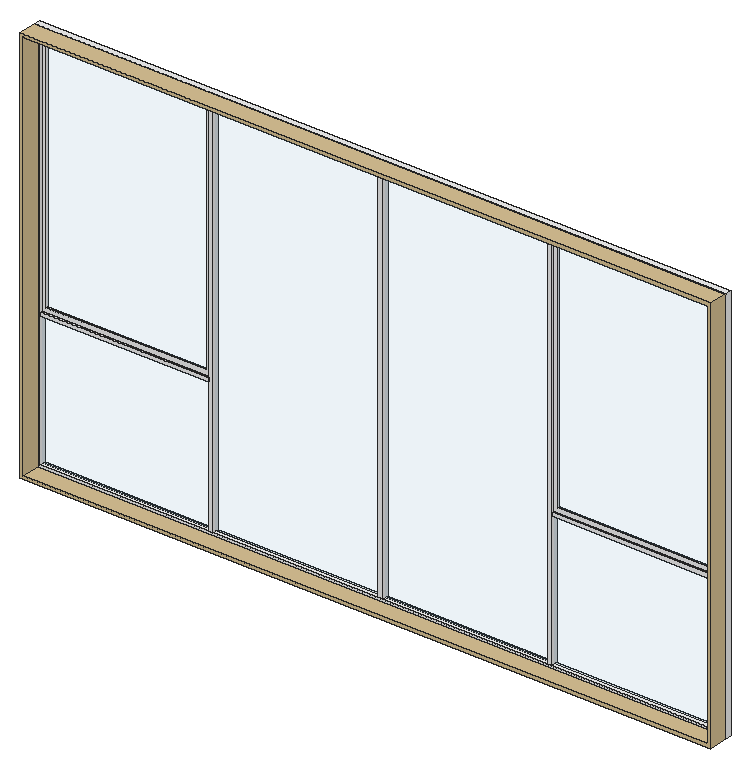
Revit family "Awning - 4X LT (AUS) FACADE AWNING WIN", category Windows, host Wall, Revit 2020
Family settings
  Host = Wall
  Always vertical = Yes
  Cut with Voids When Loaded = No
  Shared = No
  Room Calculation Point = No
Parameters (values of type "4890 (W) X 2800 (H)")
  Width = 4850 mm
  Visual Light Transmittance = 0.9
  Type Comments = ""
  Thermal Resistance (R) = 0.271106 (m²·K)/W
  Solar Heat Gain Coefficient = 0.78
  Operation = "UserDefined"
  Define Thermal Properties by = Schematic Type
  Construction Type Id = "GSP4R"
  Heat Transfer Coefficient (U) = 3.6886 W/(m²·K)
  Default Head Height = Height + 150 mm  # 2950 mm
  Rough Width = Width + 50 mm  # 4900 mm
  Rough Height = Height + 60 mm  # 2860 mm
  Model = ""
  Manufacturer = ""
  Height = 2800 mm
  Description = "Awning Window"
  Bars [instance] = yes
  Analytic Construction = "1/8 in Pilkington single glazing"
Reference planes
  plane 1 "Wall": y = 0
  plane 2 "Center (Left/Right)": x = 326.174
  plane 3 "Exterior": y = 125
  plane 4 "Left Jamb": x = 2751.174
  plane 5 "Right Jamb": x = -2098.826
  plane 6 "Head": z = 2950
  plane 7 "Sill": z = 150
  plane 8 "Interior": y = -125
  plane 9 "Window CL": y = 12.472
  plane 10 "GlassE": y = 15.472
Forms (mm)
  Extrusion 1, void
    sketch origin (326.174, 0, 0) x (0, 1, 0) y (0, 0, 1)
      loop
        line (125, 2950) -> (-125, 2950) -> (-125, 150) -> (125, 150) -> (125, 2950)
    from -2425 to 2425
  Sweep 2, solid, material "Metal - Aluminium"
    path origin (0, 0, 0) x (1, 0, 0) y (0, 0, 1)
      loop
        line (2751.174, 2950) -> (-2098.826, 2950) -> (-2098.826, 150) -> (2751.174, 150) -> (2751.174, 2950)
    profile origin (326.174, 0, 0) x (0, 0, -1) y (0, -1, 0)
      loop
        line (-2950, -34.972) -> (-2914, -34.972) -> (-2914, 10.028) -> (-2950, 10.028) -> (-2950, -34.972)
  Sweep 3, solid, material "Wood - Timber"
    path origin (0, 0, 0) x (1, 0, 0) y (0, 0, 1)
      loop
        line (2751.174, 2950) -> (-2098.826, 2950) -> (-2098.826, 150) -> (2751.174, 150) -> (2751.174, 2950)
    profile origin (326.174, 0, 0) x (0, 0, -1) y (0, -1, 0)
      loop
        line (-2950, 10.028) -> (-2930, 10.028) -> (-2930, 140) -> (-2950, 140) -> (-2950, 10.028)
  Extrusion 4, solid, material "Metal - Aluminium"
    sketch origin (0, 12.472, 0) x (0, 0, 1) y (-1, 0, 0)
      loop
        line (2914, -344.174) -> (2914, -308.174) -> (186, -308.174) -> (186, -344.174) -> (2914, -344.174)
      loop
        line (2914, -1502.674) -> (186, -1502.674) -> (186, -1528.674) -> (2914, -1528.674) -> (2914, -1502.674)
      loop
        line (2914, 850.326) -> (2914, 876.326) -> (186, 876.326) -> (186, 850.326) -> (2914, 850.326)
    from -22.5 to 22.5
  Extrusion 5, solid, material "Metal - Aluminium"
    sketch origin (0, 12.472, 502.179) x (0, 0, 1) y (-1, 0, 0)
      loop
        line (647.821, -2715.174) -> (647.821, -1528.674) -> (621.821, -1528.674) -> (621.821, -2715.174) -> (647.821, -2715.174)
    from -22.5 to 22.5
  Sweep 6, solid, material "Metal - Aluminium"
    path origin (0, 12.472, 128.179) x (0, 0, 1) y (-1, 0, 0)
      loop
        line (2785.821, -2715.174) -> (2785.821, -1528.674) -> (1021.821, -1528.674) -> (1021.821, -2715.174) -> (2785.821, -2715.174)
    profile origin (2121.924, 12.472, 2914) x (0, 0, -1) y (0, -1, 0)
      loop
        line (0, -7.5) -> (30, -7.5) -> (30, 7.5) -> (0, 7.5) -> (0, -7.5)
  Extrusion 7, solid, material "Glass"
    sketch origin (0, 12.472, 128.179) x (0, 0, 1) y (-1, 0, 0)
      loop
        line (2785.821, -313.174) -> (2785.821, 850.326) -> (57.821, 850.326) -> (57.821, -313.174) -> (2785.821, -313.174)
    from -3 to 3
  Extrusion 8, solid, material "Metal - Aluminium"
    sketch origin (652.348, 12.472, 502.179) x (0, 0, 1) y (-1, 0, 0)
      loop
        line (647.821, 2715.174) -> (621.821, 2715.174) -> (621.821, 1528.674) -> (647.821, 1528.674) -> (647.821, 2715.174)
    from -22.5 to 22.5
  Sweep 9, solid, material "Metal - Aluminium"
    path origin (652.348, 12.472, 128.179) x (0, 0, 1) y (1, 0, 0)
      loop
        line (2785.821, -2715.174) -> (2785.821, -1528.674) -> (1021.821, -1528.674) -> (1021.821, -2715.174) -> (2785.821, -2715.174)
    profile origin (-1469.576, 12.472, 2914) x (0, 0, 1) y (0, -1, 0)
      loop
        line (0, -7.5) -> (0, 7.5) -> (-30, 7.5) -> (-30, -7.5) -> (0, -7.5)
  Extrusion 10, solid, material "Glass"
    sketch origin (652.348, 12.472, 128.179) x (0, 0, 1) y (-1, 0, 0)
      loop
        line (2755.821, 2685.174) -> (1051.821, 2685.174) -> (1051.821, 1558.674) -> (2755.821, 1558.674) -> (2755.821, 2685.174)
    from -3 to 3
  Extrusion 11, solid, material "Glass"
    sketch origin (652.348, 12.472, 128.179) x (0, 0, 1) y (-1, 0, 0)
      loop
        line (995.821, 2715.174) -> (57.821, 2715.174) -> (57.821, 1528.674) -> (995.821, 1528.674) -> (995.821, 2715.174)
    from -3 to 3
  Extrusion 12, solid, material "Glass"
    sketch origin (652.348, 12.472, 128.179) x (0, 0, 1) y (-1, 0, 0)
      loop
        line (2785.821, 313.174) -> (57.821, 313.174) -> (57.821, -850.326) -> (2785.821, -850.326) -> (2785.821, 313.174)
    from -3 to 3
  Extrusion 13, solid, material "Glass"
    sketch origin (0, 12.472, 128.179) x (0, 0, 1) y (-1, 0, 0)
      loop
        line (2755.821, -2685.174) -> (2755.821, -1558.674) -> (1051.821, -1558.674) -> (1051.821, -2685.174) -> (2755.821, -2685.174)
    from -3 to 3
  Extrusion 14, solid, material "Glass"
    sketch origin (0, 12.472, 128.179) x (0, 0, 1) y (-1, 0, 0)
      loop
        line (995.821, -2715.174) -> (995.821, -1528.674) -> (57.821, -1528.674) -> (57.821, -2715.174) -> (995.821, -2715.174)
    from -3 to 3
Lines and regions (mm)
  symbolic lines, style "WindowsFrameMullionProjection"
    curve 1: line (-2098.826, -35, 0) -> (-2048.826, -35, 0)
    curve 2: line (-2048.826, 35, 0) -> (-2098.826, 35, 0)
    curve 3: line (-2048.826, -35, 0) -> (-2048.826, 35, 0)
    curve 4: line (2751.174, 35, 0) -> (2701.174, 35, 0)
    curve 5: line (2701.174, -35, 0) -> (2751.174, -35, 0)
    curve 6: line (2701.174, -35, 0) -> (2701.174, 35, 0)
    curve 7: line (-2048.826, -35, 0) -> (2701.174, -35, 0)
    curve 8: line (2701.174, 35, 0) -> (-2048.826, 35, 0)
  symbolic lines, style "Frame-Sash", detail levels fine
    curve 9: line (-2048.826, 0, 0) -> (-2048.826, 15, 0)
    curve 10: line (2701.174, 0, 0) -> (339.174, 0, 0)
    curve 17: line (313.174, 0, 0) -> (-2048.826, 0, 0)
  model lines, style "Windows", visible <- "Bars"
    curve 11: line (-273.576, 15.472, 2914) -> (-273.576, 15.472, 186)
    curve 12: line (2114.713, 15.472, 2884) -> (2114.713, 15.472, 1186.611)
    curve 18: line (313.174, 15.472, 1550) -> (-840.326, 15.472, 1550)
    curve 19: line (2685.174, 15.472, 2032) -> (1518.674, 15.472, 2032)
    curve 20: line (2715.174, 15.472, 642.983) -> (1518.674, 15.472, 642.983)
    curve 21: line (1492.674, 15.472, 1550) -> (313.174, 15.472, 1550)
    curve 22: line (925.924, 15.472, 2914) -> (925.924, 15.472, 186)
    curve 23: line (2114.713, 15.472, 1124) -> (2114.713, 15.472, 186)
    curve 24: line (-1466.787, 15.472, 2884) -> (-1466.787, 15.472, 1186.611)
    curve 27: line (-896.326, 15.472, 2032) -> (-2062.826, 15.472, 2032)
    curve 28: line (-886.326, 15.472, 642.983) -> (-2062.826, 15.472, 642.983)
    curve 29: line (-1466.787, 15.472, 1124) -> (-1466.787, 15.472, 186)
  symbolic lines, style "Elevation Swing"
    curve 13: line (2685.174, 0, 2884) -> (2116.924, 0, 1180)
    curve 14: line (1548.674, 0, 2884) -> (2116.924, 0, 1180)
    curve 25: line (-896.326, 0, 2884) -> (-1464.576, 0, 1180)
    curve 26: line (-2032.826, 0, 2884) -> (-1464.576, 0, 1180)
  symbolic lines, style "Elevation Swing", detail levels fine
    curve 15: line (313.174, 35, 0) -> (313.174, -35, 0)
    curve 16: line (339.174, 35, 0) -> (339.174, -35, 0)
Text (mm)
  text "Exterior" at (-1848.837, 1116.779, 0), in view "Ref. Level"
  text "Placement side" at (0, 1409.804, 2854.306), in view "Left"
  text "Placement side" at (0, 499.811, 2980.732), in view "Right"
  text "Interior" at (-1848.837, -680.48, 0), in view "Ref. Level"
Dimensions and locks
  locked: plane 3 "Exterior" to host wall
  "Width": plane 4 "Left Jamb" to plane 5 "Right Jamb"
  "Height": plane 7 "Sill" to plane 6 "Head"
  locked: plane 8 "Interior" to host wall
  equal spacing: plane 4 "Left Jamb", plane 2 "Center (Left/Right)", plane 5 "Right Jamb"
  locked: profile plane to Sweep 2 sketch curve at 36
  locked: plane 8 "Interior" to Sweep 3 sketch curve at 15
  locked: profile plane to Sweep 3 sketch curve at 20
  locked: Extrusion 1 sketch curve to plane 7 "Sill"
  "Default Head Height": level to plane 6 "Head"
  equal spacing: Extrusion 7, curve 18, Extrusion 7
  locked: host wall to plane 9 "Window CL" at 12.472
  equal spacing: Sweep 2 sketch curve, plane 9 "Window CL", Sweep 2 sketch curve
  locked: Sweep 2 sketch curve to Sweep 2 sketch curve at 45
  aligned and locked: Extrusion 1 to plane 6 "Head"
  aligned and locked: Extrusion 1 to plane 5 "Right Jamb"
  aligned and locked: plane 4 "Left Jamb" to Extrusion 1
  aligned and locked: plane 4 "Left Jamb" to Sweep 2 sketch curve
  aligned and locked: Sweep 2 sketch curve to plane 6 "Head"
  aligned and locked: plane 7 "Sill" to Sweep 2 sketch curve
  aligned and locked: Sweep 2 sketch curve to plane 5 "Right Jamb"
  aligned and locked: Sweep 2 to Sweep 3 sketch curve  (x2)
  aligned and locked: Sweep 3 sketch curve to Sweep 2  (x3)
  aligned and locked: Sweep 6 sketch curve to Sweep 2  (x2)
  aligned and locked: Extrusion 4 to Extrusion 7 sketch curve
  aligned and locked: plane 6 "Head" to Sweep 2 sketch curve
  aligned and locked: Extrusion 10 sketch curve to Sweep 9  (x2)
Automatic sketch dimensions
  curve 2 to plane 5 "Right Jamb" = 0 mm
  curve 1 to plane 5 "Right Jamb" = 0 mm
  host wall to curve 9 = 0 mm
  host wall to curve 10 = 0 mm
  curve 5 to plane 4 "Left Jamb" = 0 mm
  curve 4 to plane 4 "Left Jamb" = 0 mm
  curve 2 to plane 10 "GlassE" = 19.528 mm
  plane 5 "Right Jamb" to curve 2 = 50 mm
  curve 9 to curve 2 = 0 mm
  curve 5 to curve 5 = 50 mm
  host wall to curve 5 = 35 mm
  curve 15 to plane 2 "Center (Left/Right)" = 13 mm
  plane 2 "Center (Left/Right)" to curve 16 = 13 mm
  plane 10 "GlassE" to curve 9 = 0.472 mm
  curve 13 to plane 7 "Sill" = 1030 mm
  curve 25 to plane 7 "Sill" = 1030 mm
  plane 5 "Right Jamb" to curve 25 = 634.25 mm
  curve 14 to plane 4 "Left Jamb" = 634.25 mm
  curve 12 to curve 13 = 6.611 mm
  curve 18 to plane 2 "Center (Left/Right)" = 13 mm
  plane 6 "Head" to curve 18 = 1400 mm
  plane 6 "Head" to curve 25 = 66 mm
  plane 6 "Head" to curve 13 = 66 mm
  plane 6 "Head" to curve 14 = 66 mm
  plane 6 "Head" to curve 12 = 66 mm
  plane 6 "Head" to curve 26 = 66 mm
  plane 6 "Head" to curve 11 = 36 mm
  curve 11 to plane 7 "Sill" = 36 mm
  plane 5 "Right Jamb" to curve 26 = 66 mm
  curve 26 to curve 25 = 1136.5 mm
  curve 25 to curve 18 = 624.25 mm
  curve 11 to plane 2 "Center (Left/Right)" = 599.75 mm
  curve 14 to plane 4 "Left Jamb" = 1202.5 mm
  curve 12 to curve 13 = 2.211 mm
  curve 13 to plane 4 "Left Jamb" = 66 mm
  Extrusion 1 sketch curve to host wall = 0 mm  (x2)
  plane 6 "Head" to Extrusion 1 sketch curve = 0 mm
  Sweep 3 sketch curve to profile plane = 0 mm
  Extrusion 5 sketch curve to plane 4 "Left Jamb" = 36 mm
  Extrusion 5 sketch curve to plane 7 "Sill" = 974 mm
  Extrusion 5 sketch curve to Extrusion 5 sketch curve = 26 mm
  Extrusion 5 sketch curve to Extrusion 5 sketch curve = 1186.5 mm
  Sweep 6 sketch curve to profile plane = 0 mm
  Sweep 6 sketch curve to plane 9 "Window CL" = 7.5 mm
  Sweep 6 sketch curve to Sweep 6 sketch curve = 30 mm
  plane 9 "Window CL" to Sweep 6 sketch curve = 7.5 mm
  Extrusion 7 sketch curve to plane 7 "Sill" = 36 mm
  Extrusion 7 sketch curve to Extrusion 7 sketch curve = 1163.5 mm
  curve 23 to plane 7 "Sill" = 36 mm
  curve 20 to plane 4 "Left Jamb" = 36 mm
  curve 29 to plane 7 "Sill" = 36 mm
  curve 22 to plane 7 "Sill" = 36 mm
  curve 20 to plane 7 "Sill" = 492.983 mm
  curve 28 to plane 7 "Sill" = 492.983 mm
  curve 20 to curve 23 = 481.017 mm
  curve 28 to curve 29 = 481.017 mm
  curve 29 to curve 24 = 62.611 mm
  curve 21 to plane 2 "Center (Left/Right)" = 13 mm
  plane 6 "Head" to curve 21 = 1400 mm
  plane 5 "Right Jamb" to curve 27 = 36 mm
  plane 6 "Head" to curve 27 = 918 mm
  curve 21 to curve 19 = 482 mm
  plane 6 "Head" to curve 24 = 66 mm
  plane 6 "Head" to curve 22 = 36 mm
  curve 19 to plane 4 "Left Jamb" = 66 mm
  curve 23 to plane 4 "Left Jamb" = 636.461 mm
  curve 23 to curve 20 = 596.039 mm
  curve 23 to curve 19 = 596.039 mm
  curve 19 to curve 21 = 26 mm
  plane 2 "Center (Left/Right)" to curve 22 = 599.75 mm
  curve 28 to plane 2 "Center (Left/Right)" = 1212.5 mm
  curve 27 to curve 27 = 1166.5 mm
  plane 5 "Right Jamb" to curve 29 = 632.039 mm
  curve 24 to curve 29 = 0 mm
  plane 5 "Right Jamb" to curve 28 = 36 mm
  Extrusion 8 sketch curve to plane 5 "Right Jamb" = 36 mm
  plane 7 "Sill" to Extrusion 8 sketch curve = 974 mm
  Extrusion 8 sketch curve to Extrusion 8 sketch curve = 26 mm
  Extrusion 8 sketch curve to Extrusion 8 sketch curve = 1186.5 mm
  profile plane to Sweep 9 sketch curve = 0 mm
  plane 9 "Window CL" to Sweep 9 sketch curve = 7.5 mm
  profile plane to Sweep 9 sketch curve = 30 mm
  Sweep 9 sketch curve to plane 9 "Window CL" = 7.5 mm
  Extrusion 10 sketch curve to plane 5 "Right Jamb" = 66 mm
  Extrusion 10 sketch curve to Extrusion 10 sketch curve = 1126.5 mm
  plane 7 "Sill" to Extrusion 11 sketch curve = 36 mm
  Extrusion 11 sketch curve to plane 5 "Right Jamb" = 36 mm
  Extrusion 11 sketch curve to Extrusion 11 sketch curve = 938 mm
  Extrusion 11 sketch curve to Extrusion 11 sketch curve = 1186.5 mm
  Extrusion 12 sketch curve to plane 2 "Center (Left/Right)" = 13 mm
  plane 7 "Sill" to Extrusion 12 sketch curve = 36 mm
  Extrusion 12 sketch curve to plane 6 "Head" = 36 mm
  Extrusion 12 sketch curve to Extrusion 12 sketch curve = 1163.5 mm
  Extrusion 13 sketch curve to plane 4 "Left Jamb" = 66 mm
  Extrusion 13 sketch curve to plane 7 "Sill" = 1030 mm
  plane 6 "Head" to Extrusion 13 sketch curve = 66 mm
  Extrusion 13 sketch curve to Extrusion 13 sketch curve = 1126.5 mm
  Extrusion 14 sketch curve to plane 7 "Sill" = 36 mm
  Extrusion 14 sketch curve to plane 4 "Left Jamb" = 36 mm
  Extrusion 14 sketch curve to Extrusion 14 sketch curve = 938 mm
  Extrusion 14 sketch curve to Extrusion 14 sketch curve = 1186.5 mm
  Extrusion 4 sketch curve to plane 7 "Sill" = 36 mm  (x3)
  plane 6 "Head" to Extrusion 4 sketch curve = 36 mm  (x3)
  Extrusion 4 sketch curve to Extrusion 4 sketch curve = 1158.5 mm  (x2)
  Extrusion 4 sketch curve to Extrusion 4 sketch curve = 26 mm  (x2)
  Sweep 9 sketch curve to plane 5 "Right Jamb" = 36 mm
  plane 7 "Sill" to Sweep 9 sketch curve = 1000 mm
  Sweep 9 sketch curve to plane 6 "Head" = 36 mm
  Sweep 9 sketch curve to Sweep 9 sketch curve = 1186.5 mm
  Sweep 6 sketch curve to plane 7 "Sill" = 1000 mm
  Sweep 6 sketch curve to Sweep 6 sketch curve = 1186.5 mm
  Extrusion 4 sketch curve to plane 2 "Center (Left/Right)" = 18 mm
  plane 2 "Center (Left/Right)" to Extrusion 4 sketch curve = 18 mm
  Extrusion 7 sketch curve to plane 2 "Center (Left/Right)" = 13 mm
